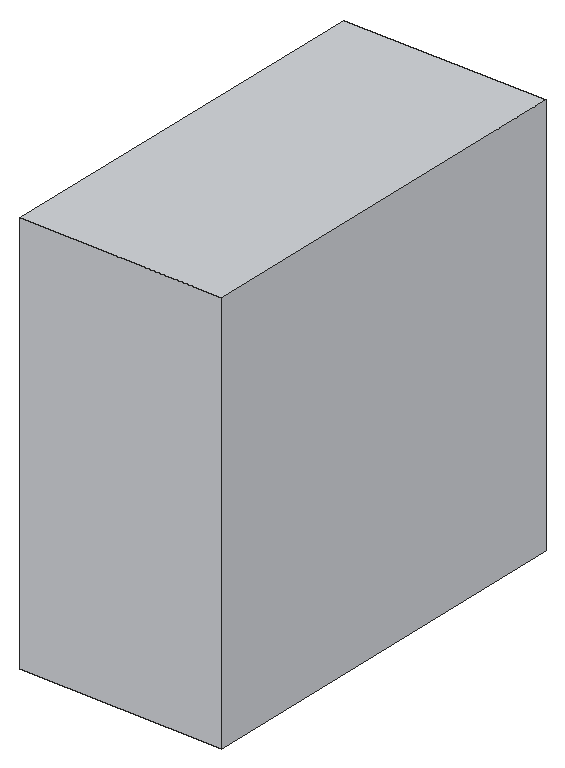
Revit family "Damper Opposed - Rectangular", category Duct Accessories, Revit 2017
Family settings
  Round Connector Dimension = Use Diameter
  Part Type = Damper
  OmniClass Number = 23.75.70.11.14.14
  OmniClass Title = Dampers for Air Ductwork
  Work Plane-Based = No
  Always vertical = Yes
  Cut with Voids When Loaded = No
  Shared = No
Parameters (values of type "Design to Fab")
  Symbol Width [instance] = Damper Width * 1.5  # 1' - 6"
  Pressure Drop [instance] = 1.00 in-wg
  Half Symbol Width [instance] = Symbol Width / 2  # 0' - 9"
  Half Damper Width [instance] = Damper Width / 2  # 0' - 6"
  Half Damper Length = Damper Length / 2  # 0' - 3"
  Half Damper Height [instance] = Damper Height / 2  # 0' - 6"
  Damper Width [instance] = 12"
  Damper Material = none
  Damper Length = 0' - 6"
  Damper Height [instance] = 12"
Reference planes (in)
  plane 1 "Center (Front/Back)": y = 0
  plane 2: z = 0
  plane 3 "Center (Left/Right)": x = 0
  plane 4: y = 6
  plane 5: y = -6
  plane 6: z = 6
  plane 7: z = -6
  plane 8: x = -3
  plane 9: x = 3
  plane 10: y = 7.5
  plane 11: y = 7.75
  plane 12: y = 9
  plane 13: y = -9
Forms (in)
  Extrusion 1, solid, material <- "Damper Material", detail levels fine
    sketch origin (0, 0, 0) x (0, 1, 0) y (0, 0, 1)
      loop
        line (-6, 6) -> (-6, -6) -> (6, -6) -> (6, 6) -> (-6, 6)
    from -3 to 3
  Extrusion 2, solid, material <- "Damper Material", detail levels fine
    sketch origin (0, 0, 0) x (1, 0, 0) y (0, 0, 1)
      loop
        circle (0, 0) r 0.25
    from -6 to -7.5
  Sweep 3, solid, material <- "Damper Material", detail levels fine
    path origin (0, 0, 0) x (1, 0, 0) y (0, 1, 0)
      loop
        line (0, 7.5) -> (0, 7.75)
    profile origin (0, 7.625, 0) x (-1, 0, 0) y (0, 0, 1)
      loop
        arc (0, 0.5) -> (-0.5, 0) -> (0, -0.5) r 0.5
        line (0, -0.5) -> (6, -0.5)
        arc (6, -0.5) -> (6.5, 0) -> (6, 0.5) r 0.5
        line (6, 0.5) -> (0, 0.5)
  Extrusion 4, solid, material <- "Damper Material", detail levels coarse+medium
    sketch origin (0, 0, 0) x (0, 1, 0) y (0, 0, 1)
      loop
        line (6, 6) -> (-6, 6) -> (-6, -6) -> (6, -6) -> (6, 6)
    from -3 to 3
Lines and regions (in)
  symbolic lines, detail levels coarse+medium
    curve 1: line (0, 9, 0) -> (0, -9, 0)
    curve 2: line (0, 9, 0) -> (-3, 9, 0)
    curve 3: line (-3, 6, 0) -> (-3, -6, 0)
    curve 4: line (3, 6, 0) -> (3, -6, 0)
Dimensions and locks (in)
  "Half Damper Width": plane 4 to plane 1 "Center (Front/Back)"
  "Half Damper Width": plane 1 "Center (Front/Back)" to plane 5
  "Half Damper Height": plane 6 to plane 2
  "Half Damper Height": plane 2 to plane 7
  "Half Damper Length": plane 8 to plane 3 "Center (Left/Right)"
  "Half Damper Length": plane 3 "Center (Left/Right)" to plane 9
  locked: plane 4 to plane 10 at 1.5
  locked: plane 11 to plane 10 at 0.25
  "Half Symbol Width": plane 13 to plane 1 "Center (Front/Back)"
  "Half Symbol Width": plane 1 "Center (Front/Back)" to plane 12
  radius of Extrusion 2 sketch curve = 0' - 0 1/4"
  radius of Sweep 3 sketch curve = 0' - 0 1/2"  (x2)
  aligned and locked: Extrusion 1 to plane 4
  aligned and locked: plane 5 to Extrusion 1
  aligned and locked: plane 6 to Extrusion 1
  aligned and locked: Extrusion 1 to plane 7
  aligned and locked: Extrusion 1 to plane 8
  aligned and locked: plane 9 to Extrusion 1
  aligned and locked: plane 3 "Center (Left/Right)" to Extrusion 2 sketch curve
  aligned and locked: plane 2 to Extrusion 2 sketch curve
  aligned and locked: plane 4 to Extrusion 2
  aligned and locked: plane 10 to Extrusion 2
  aligned and locked: plane 11 to Sweep 3 sketch curve
  aligned and locked: plane 10 to Sweep 3 sketch curve
  aligned and locked: plane 3 "Center (Left/Right)" to Sweep 3 sketch curve  (x3)
  aligned and locked: plane 2 to Sweep 3 sketch curve  (x2)
  aligned and locked: plane 13 to curve 1
  aligned and locked: curve 1 to plane 3 "Center (Left/Right)"
  aligned and locked: plane 8 to curve 2
  aligned and locked: plane 12 to curve 2
  aligned and locked: plane 4 to curve 3
  aligned and locked: plane 5 to curve 3
  aligned and locked: curve 3 to plane 8
  aligned and locked: plane 4 to curve 4
  aligned and locked: plane 5 to curve 4
  aligned and locked: curve 4 to plane 9
  aligned and locked: Extrusion 4 to plane 4
  aligned and locked: plane 5 to Extrusion 4
  aligned and locked: plane 6 to Extrusion 4
  aligned and locked: Extrusion 4 to plane 7
  aligned and locked: Extrusion 4 to plane 8
  aligned and locked: plane 9 to Extrusion 4
Automatic sketch dimensions
  Extrusion 1 sketch curve to plane 5 = 1' - 0"
  plane 4 to Extrusion 1 sketch curve = 1' - 0"
  Extrusion 1 sketch curve to level = 0' - 6"
  level to Extrusion 1 sketch curve = 0' - 6"
  Sweep 3 sketch curve to plane 3 "Center (Left/Right)" = 0' - 0"
  Sweep 3 sketch curve to profile plane = 0' - 6"
  Extrusion 4 sketch curve to plane 5 = 0' - 0"
  plane 4 to Extrusion 4 sketch curve = 0' - 0"
  Extrusion 4 sketch curve to plane 7 = 0' - 0"
  plane 6 to Extrusion 4 sketch curve = 0' - 0"
Connectors (in)
  hvac at (-3, 0, 0), driven by "Damper Height", driven by "Damper Width", driven by "Pressure Drop"
    settings: on Extrusion 1, index 1, duct flow 0 CFM, flow factor 0, pres drop 1.00 in-wg, loss coef 0, conn angle 0.00°, conn width 12", conn height 12", conn diameter 24", duct sys type 29, conn prof type 1, flow config 0, flow direction 0, loss method 4, conn ref index 2, conn util no, is conn primary yes, conn desc ""
  hvac at (3, 0, 0), driven by "Damper Height", driven by "Damper Width"
    settings: on Extrusion 1, index 2, duct flow 0 CFM, flow factor 0, pres drop 0.00 in-wg, loss coef 0, conn angle 0.00°, conn width 12", conn height 12", conn diameter 24", duct sys type 29, conn prof type 1, flow config 0, flow direction 0, loss method 4, conn ref index 1, conn util no, is conn primary no, conn desc ""
